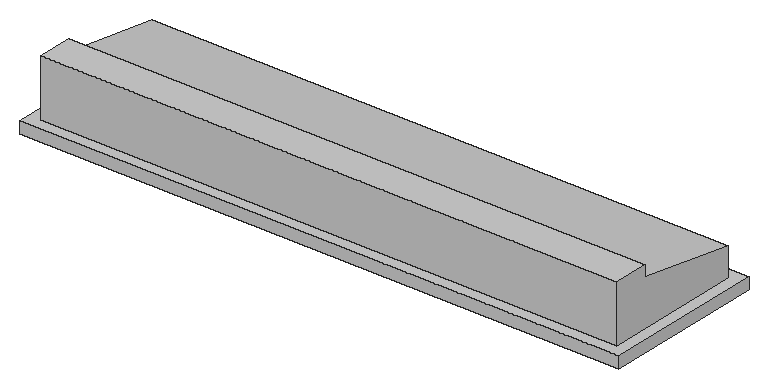
Revit family "BS_FM_Móng Băng vát góc", category Structural Foundations, Revit 2019
Family settings
  Material for Model Behavior = Concrete
  Cap = No
  OmniClass Number = 23.25.30.11.27
  OmniClass Title = Vibration and Earthquake Controls
  Cut with Voids When Loaded = Yes
  Shared = Yes
Parameters (values of type "MB-LT-1200x300x500")
  h_BaoVe [instance] = 100 mm
  a4_BaoVe [instance] = 100 mm
  a3_BaoVe [instance] = 100 mm
  a2_BaoVe [instance] = 100 mm
  a1_BaoVe [instance] = 100 mm
  Width = 0 mm
  Type Image = MongBang.PNG
  built-in parameter 1001306 [instance] = 5000 mm
  Hd_ChieuCaoDam = 300 mm
  H_ChieuCaoMong = H1_ChieuCaoMong + H2_ChieuCaoMong + H3_ChieuCaoCoMong  # 500 mm
  H_CatMong = H_ChieuCaoMong + 50 mm  # 550 mm
  H3_ChieuCaoCoMong = 100 mm
  H2_ChieuCaoMong = 150 mm
  H1_ChieuCaoMong = 250 mm
  Foundation Thickness = 0 mm
  B_ChieuRongMong = B2_CanhMong + B1_CanhMong  # 1200 mm
  BS_BeTongMong = @BS-BeTongCotThep
  BS_BeTongLot = @BS-BeTong
  BIMSPEED.VN [instance] = "TruyCap BimSpeed.vn"
  B2_CanhMong = 1050 mm
  B1_CanhMong = 150 mm
Types (2, lengths in mm): name | H2_ChieuCaoMong | H1_ChieuCaoMong | B2_CanhMong | B1_CanhMong
  MB-LT-1200x300x500 | 150 | 250 | 1050 | 150
  MB-1200x300x500 | 200 | 200 | 600 | 600
Reference planes
  plane 1 "Center (Front/Back)": y = 0
  plane 2: z = 0
  plane 3 "Left": x = 0
  plane 4 "Right": x = 5000
Forms (mm)
  Sweep 1, solid, material "@BS-BeTongCotThep" <- "BS_BeTongMong"
    path in 3D
      loop
        line (0, 0, 0) -> (5000, 0, 0)
    profile "BS_POF_Mong Bang : BS_POF_Mong Bang" origin (2500, 0, 0) x (0, 1, 0) y (0, 0, 1)
      loop
        line (-150, 0) -> (1050, 0) -> (1050, 250) -> (150, 400) -> (150, 500) -> (-150, 500) -> (-150, 400) -> (-150, 250) -> (-150, 0)
  Sweep 2, solid, material "@BS-BeTong" <- "BS_BeTongLot"
    path origin (0, 0, 0) x (1, 0, 0) y (0, 1, 0)
      loop
        line (-100, 0) -> (5100, 0)
    profile origin (2500, 0, 0) x (0, 1, 0) y (0, 0, 1)
      loop
        line (1150, 0) -> (-250, 0) -> (-250, -100) -> (1150, -100) -> (1150, 0)
  Sweep 3, void
    path in 3D
      loop
        line (0, 0, 0) -> (5000, 0, 0)
    profile origin (2500, 0, 0) x (0, 1, 0) y (0, 0, 1)
      loop
        line (150, 400) -> (1050, 250) -> (1050, 550) -> (150, 550) -> (150, 400)
Cuts and joins
  Sweep 3 cuts Sweep 1
Lines and regions (mm)
  reference lines
    curve 1: line (0, 0, 0) -> (5000, 0, 0)
  sketch lines
    curve 2: line (0, 0, 0) -> (5000, 0, 0)
    curve 3: line (0, 0, 0) -> (5000, 0, 0)
Dimensions and locks
  "built-in parameter 1001306": plane 3 "Left" to plane 4 "Right"
  "a2_BaoVe": Sweep 1 to Sweep 2 sketch curve
  "a1_BaoVe": Sweep 2 sketch curve to Sweep 1
  "h_BaoVe": Sweep 2 sketch curve to Sweep 2 sketch curve
  "a3_BaoVe": Sweep 2 sketch curve to Sweep 1
  "a4_BaoVe": Sweep 1 to Sweep 2 sketch curve
  "H_CatMong": Sweep 3 sketch curve to level
  cut or joined group of Sweep 1, Sweep 3 to Sweep 2 = 500 mm  (x2)
  aligned and locked: plane 4 "Right" to curve 1
  aligned and locked: plane 1 "Center (Front/Back)" to curve 1
  aligned and locked: plane 3 "Left" to curve 1
  aligned and locked: level to Sweep 2 sketch curve
  aligned and locked: Sweep 1 to Sweep 3 sketch curve
  aligned and locked: Sweep 3 sketch curve to Sweep 1
  aligned and locked: cut or joined group of Sweep 1, Sweep 3 to Sweep 3 sketch curve
Automatic sketch dimensions
  plane 1 "Center (Front/Back)" to Sweep 2 sketch curve = 0 mm
